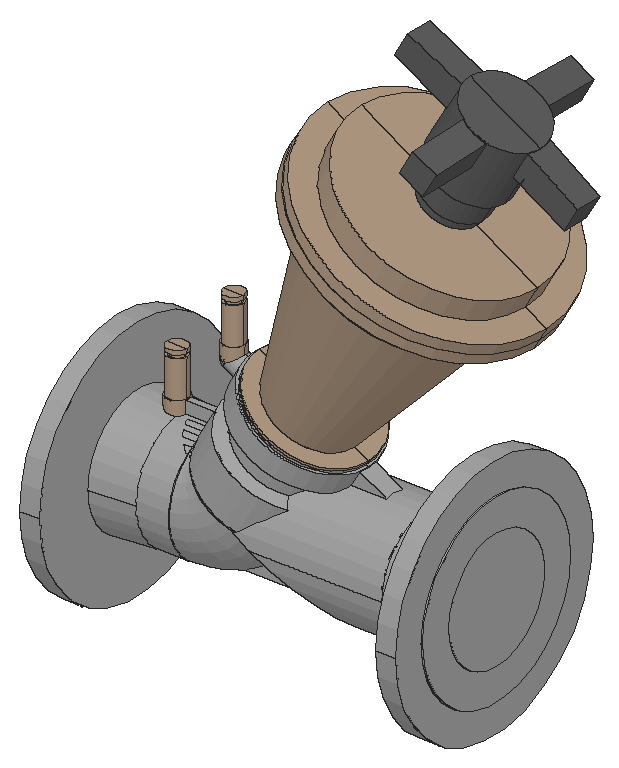
Revit family "M_Valve_Balancing and Control_MEPcontent_Oventrop_Hydromat DFC 10647", category Pipe Accessories, Revit 2015
Parameters (values of type "DN 80")
  Wholesaler Art. No. = ""
  Wholesaler = ""
  Watermarked By = "www.stabiplan.com"
  VHth = 58.500 mm
  VDst = 32.100 mm
  Use Nominal Diameter [instance] = yes
  built-in parameter 1114242 [instance] = 1
  Up_Flange_Radius = 103.000 mm  # constant formula
  Stabu Code = ""
  Revit Version = "2015"  # constant formula
  Product Line = "Oventrop"  # constant formula
  MEPcontent Class = "VALVE_BALANCING"  # constant formula
  Language = ""
  IFCExportType = "PRESSUREREDUCING"
  IFCExportAs = "IfcValveType"
  Function Code [instance] = ""
  Family Version = "10.14"  # constant formula
  ETIM Article Class = "EC011463"
  EMCS Version = "2.0"  # constant formula
  Custom = no
  Copyright = "© Stabiplan International BV"  # constant formula
  Content Supplier URL = "www.mepcontent.eu"
  CB-NL Class = ""
  Bronze = Color RGB 156-122-90
  URL = "www.stabiplan.com"
  R2 = R1 / sin(Angle)  # 10.392 mm
  R1 = 9.000 mm  # constant formula
  Rad3 = Rad4 + 3.000 mm  # 51.500 mm
  OuterDiameter = 88.900 mm
  NominalRadius [instance] = if(Use Nominal Diameter, NominalDiameter / 2, OuterDiameter / 2)  # 40.000 mm
  NominalDiameter = 80.000 mm
  Model = "Hydromat DFC 10647"
  Manufacturer = "Oventrop"  # constant formula
  Lgt4 = 110.000 mm
  Lgt3 = 37.100 mm
  Rad2 = FlangeDiameter / 2  # 100.000 mm
  Length = 310.000 mm
  Internal Art. No. = ""
  Hlp2 = CurDst * 1 / 3  # 9.334 mm
  Height = 395.000 mm
  GTIN = "4026755246025"
  DstChk = 32.000 mm
  Description = "Differential pressure regulator, flanged"  # constant formula
  FlangeDiameter = 200.000 mm
  Dst1 = if(DstChk < 0.000 mm, 0.000 mm, DstChk)  # 32.000 mm
  r2 = 3.000 mm  # constant formula
  r1 = 2.000 mm  # constant formula
  Rad7 = Rad5 + 2.000 mm  # 53.000 mm
  Rad6 = Rad5 - 10.000 mm  # 41.000 mm
  Rad5 = Rad4 + 2.500 mm  # 51.000 mm
  Rad4 = 48.500 mm
  Rad1 = Rad2 * 0.75  # 75.000 mm
  Pressure Drop = 0.0 Pa
  Radius1 = 40.000 mm
  Manufacturer URL = "http://www.oventrop.de/ArticleInfo.aspx?art=1064752"
  CurDst = (Rad4 * tan(Angle / 2))  # 28.001 mm
  Lgt2 = 16.088 mm
  Lgt1 = 2.000 mm  # constant formula
  L2 = Rad4 * tan(Angle / 2)  # 28.001 mm
  Hlp1 = 22.000 mm  # constant formula
  Hb6 = (Hb2) * sin(Angle) + (Rad5 * cos(Angle)) - (Dst1 * cos(Angle))  # 73.308 mm
  Hb5 = 3.000 mm  # constant formula
  Hb4 = 18.000 mm  # constant formula
  Hb3 = Hb2 / 4  # 18.420 mm
  Hb2 = Hb1 - CurDst - 82.000 mm - 8.000 mm  # 73.679 mm
  Hb1 = (H / sin(Angle)) - (Crank Radius / tan(Angle))  # 191.680 mm
  H = 206.000 mm
  Crank Radius = 80.000 mm  # constant formula
  Cast Iron = Color RGB 140-140-140
  Bottom_Flange_Radius = Up_Flange_Radius / 1.716  # 60.023 mm
  Body_Height = 160.000 mm
  Bonnet = Color RGB 35-35-35
  Article Type = "Hydromat DFC 10647"  # constant formula
  Article Description = "Differential pressure regulator, flanged"  # constant formula
  Angle 3 = -Angle  # -60.00°
  Angle 2 = 90.00° - Angle  # 30.00°
  Angle = 60.00°  # constant formula
  Manufacturer Art. No. = "1064752"
Types (5, lengths in mm): name | VHth | VDst | Rad3 | OuterDiameter | NominalRadius | NominalDiameter | Lgt4 | Lgt3 | Rad2 | Length | Hlp2 | Height | GTIN | DstChk | FlangeDiameter | Dst1 | Rad7 | Rad6 | Rad5 | Rad4 | Rad1 | Radius1 | Manufacturer URL | CurDst | Lgt2 | L2 | Hb6 | Hb3 | Hb2 | Hb1 | H | Body_Height | Manufacturer Art. No.
  DN 65 | 50.400 | 29.400 | 43.400 | 76.100 | 32.500 | 65.000 | 110.000 | 34.400 | 92.500 | 290.000 | 7.775 | 375.000 | "4026755246018" | 28.000 | 185.000 | 28.000 | 44.900 | 32.900 | 42.900 | 40.400 | 69.375 | 32.500 | "http://www.oventrop.de/ArticleInfo.aspx?art=1064751" | 23.325 | 15.584 | 23.325 | 60.308 | 15.259 | 61.035 | 174.360 | 191.000 | 154.000 | "1064751"
  DN 80 | 58.500 | 32.100 | 51.500 | 88.900 | 40.000 | 80.000 | 110.000 | 37.100 | 100.000 | 310.000 | 9.334 | 395.000 | "4026755246025" | 32.000 | 200.000 | 32.000 | 53.000 | 41.000 | 51.000 | 48.500 | 75.000 | 40.000 | "http://www.oventrop.de/ArticleInfo.aspx?art=1064752" | 28.001 | 16.088 | 28.001 | 73.308 | 18.420 | 73.679 | 191.680 | 206.000 | 160.000 | "1064752"
  DN 100 | 69.300 | 35.700 | 62.300 | 114.300 | 50.000 | 100.000 | 110.000 | 40.700 | 110.000 | 350.000 | 11.412 | 410.000 | "4026755301076" | 28.000 | 220.000 | 28.000 | 63.800 | 51.800 | 61.800 | 59.300 | 82.500 | 50.000 | "http://www.oventrop.de/ArticleInfo.aspx?art=1064753" | 34.237 | 16.760 | 34.237 | 112.308 | 27.542 | 110.167 | 234.404 | 243.000 | 134.000 | "1064753"
  DN 125 | 82.800 | 40.200 | 75.800 | 139.700 | 62.500 | 125.000 | 157.500 | 45.200 | 125.000 | 400.000 | 14.010 | 450.000 | "4026755333145" | 25.000 | 250.000 | 25.000 | 77.300 | 65.300 | 75.300 | 72.800 | 93.750 | 62.500 | "http://www.oventrop.de/ArticleInfo.aspx?art=1064754" | 42.031 | 17.600 | 42.031 | 156.808 | 38.006 | 152.025 | 284.056 | 286.000 | 131.000 | "1064754"
  DN 150 | 96.300 | 44.700 | 89.300 | 168.300 | 75.000 | 150.000 | 205.000 | 49.700 | 142.500 | 480.000 | 16.608 | 450.000 | "4026755333152" | 40.000 | 285.000 | 40.000 | 90.800 | 78.800 | 88.800 | 86.300 | 106.875 | 75.000 | "http://www.oventrop.de/ArticleInfo.aspx?art=1064755" | 49.825 | 18.440 | 49.825 | 151.308 | 36.635 | 146.540 | 286.366 | 288.000 | 128.000 | "1064755"
Reference planes
  plane 1 "Center (Front/Back)": y = 0
  plane 2: z = 0
  plane 3 "Center (Left/Right)": x = 0
  plane 4: x = -155
  plane 5: x = 155
  plane 6: x = 153
  plane 7: x = -153
  plane 8: x = -73.001
  plane 9: z = -48.5
  plane 10: z = -51
  plane 11: z = -41
  plane 12: x = -45
  plane 13: z = 48.5
  plane 14: y = 8.044
  plane 15: y = -8.044
  plane 16: y = -48.5
  plane 17: y = 48.5
  plane 18: x = 136.912
  plane 19: y = 11
  plane 20: y = -11
  plane 21: y = -3
  plane 22: y = 3
  plane 23: x = -136.912
  plane 24: x = -99.812
  plane 25: x = 99.812
  plane 26: x = -104.812
  plane 27: z = 395
  plane 28: z = 280
Forms (mm)
  Extrusion 1, solid, material "Color RGB 140-140-140" <- "Cast Iron", detail levels fine
    sketch origin (0, 0, 0) x (0, 1, 0) y (0, 0, 1)
      loop
        circle (0, 0) r 75
    from 153 to 155
  Extrusion 2, solid, material "Color RGB 140-140-140" <- "Cast Iron", detail levels fine
    sketch origin (0, 0, 0) x (0, 1, 0) y (0, 0, 1)
      loop
        circle (0, 0) r 75
    from -153 to -155
  Extrusion 3, solid, material "Color RGB 140-140-140" <- "Cast Iron", detail levels fine
    sketch origin (0, 0, 0) x (0, 1, 0) y (0, 0, 1)
      loop
        circle (0, 0) r 48.5
    from -153 to 153
  Revolve 4, void
    sketch origin (-45, 0, 0) x (0.5, 0, 0.866025) y (-0.866025, 0, 0.5)
      loop
        line (18.668, 0) -> (-290, 0) -> (-290, -290) -> (18.668, -290) -> (18.668, 0)
      axis (-290, 0) -> (18.668, 0)
    angle from 0 to 360
  Revolve 5, solid, material "Color RGB 140-140-140" <- "Cast Iron", detail levels fine
    sketch origin (-73.001, -1524, 140.053) x (0, 0, 1) y (0, -1, 0)
      loop
        circle (-140.053, -1524) r 48.5
      axis (-91.553, -1524) -> (-91.553, -1523)
    angle from 0 to -60 <- "Angle 3"
  Extrusion 6, solid, material "Color RGB 140-140-140" <- "Cast Iron", detail levels fine
    sketch origin (-73.001, -1524, 140.053) x (0, 0, 1) y (0, -1, 0)
      loop
        circle (-140.053, -1524) r 48.5
    from -81.999 to 0
  Revolve 7, solid, material "Color RGB 140-140-140" <- "Cast Iron", detail levels fine
    sketch origin (-45, 0, 0) x (0.5, 0, 0.866025) y (-0.866025, 0, 0.5)
      loop
        line (101.68, 0) -> (18.668, 0) -> (18.668, -49)
        arc (18.668, -49) -> (19.253, -50.414) -> (20.668, -51) r 2
        line (20.668, -51) -> (56.841, -51) -> (59.841, -41) -> (78.261, -41) -> (81.261, -53) -> (99.68, -53) -> (99.68, -51) -> (101.68, -51) -> (101.68, 0)
      axis (18.668, 0) -> (101.68, 0)
    angle from 0 to 360
  Extrusion 8, solid, material "Color RGB 140-140-140" <- "Cast Iron", detail levels fine
    sketch origin (153, -1524, 140.053) x (0, 0, 1) y (0, -1, 0)
      loop
        circle (-140.053, -1524) r 48.5
    from 2 to -16.088
  Extrusion 9, solid, material "Color RGB 140-140-140" <- "Cast Iron", detail levels fine
    sketch origin (-45, 0, 0) x (0.5, 0, 0.866025) y (-0.866025, 0, 0.5)
      loop
        line (99.68, 0) -> (28.001, 0) -> (28.001, -48.5) -> (72.406, -125.411) -> (99.68, -152.503) -> (99.68, 0)
    from -8.044 to 8.044
  Revolve 10, solid, material "Color RGB 156-122-90" <- "Bronze", detail levels fine
    sketch origin (-58.712, 0, 40.25) x (0, 0, 1) y (-1, 0, 0)
      loop
        line (61.498, 0) -> (61.498, -9) -> (73.308, -9) -> (73.308, -8) -> (103.308, -8) -> (103.308, -6) -> (106.308, -6) -> (106.308, -8) -> (109.308, -8) -> (109.308, 0) -> (61.498, 0)
      axis (61.498, 0) -> (109.308, 0)
    angle from 0 to 360
  Extrusion 11, solid, material "Color RGB 140-140-140" <- "Cast Iron", detail levels fine
    sketch origin (0, 0, 0) x (0, 1, 0) y (0, 0, 1)
      loop
        circle (0, 0) r 100
    from -136.912 to -153
  Extrusion 12, solid, material "Color RGB 140-140-140" <- "Cast Iron", detail levels fine
    sketch origin (0, 0, 0) x (0, 1, 0) y (0, 0, 1)
      loop
        circle (0, 0) r 100
    from 136.912 to 153
  Blend 13, solid, material "Color RGB 140-140-140" <- "Cast Iron", detail levels fine
    base sketch origin (0, 0, 0) x (0, 1, 0) y (0, 0, 1)
      loop
        circle (0, 0) r 51.5
    top sketch origin (0, 0, 0) x (0, 1, 0) y (0, 0, 1)
      loop
        circle (0, 0) r 48.5
    from 136.912 to 99.812
  Blend 14, solid, material "Color RGB 140-140-140" <- "Cast Iron", detail levels fine
    base sketch origin (0, 0, 0) x (0, 1, 0) y (0, 0, 1)
      loop
        circle (0, 0) r 51.5
    top sketch origin (0, 0, 0) x (0, 1, 0) y (0, 0, 1)
      loop
        circle (0, 0) r 48.5
    from -136.912 to -99.812
  Extrusion 15, solid, material "Color RGB 140-140-140" <- "Cast Iron", detail levels fine
    sketch origin (0, 0, 0) x (0, 1, 0) y (0, 0, 1)
      loop
        arc (-3, -48.407) -> (0, -48.5) -> (3, -48.407) r 48.5
        line (3, -48.407) -> (3, 0) -> (-3, 0) -> (-3, -48.407)
    from -73.001 to 99.812
  Revolve 16, solid, material "Color RGB 156-122-90" <- "Bronze", detail levels fine
    sketch origin (0, 0, 0) x (1, 0, 0) y (0, 0, 1)
      loop
        line (-104.812, 0) -> (-95.812, 0) -> (-95.812, 58.5) -> (-96.812, 58.5) -> (-96.812, 88.5) -> (-98.812, 88.5) -> (-98.812, 91.5) -> (-96.812, 91.5) -> (-96.812, 94.5) -> (-104.812, 94.5) -> (-104.812, 0)
      axis (-104.812, 94.5) -> (-104.812, 0)
    angle from 0 to 360
  Extrusion 17, solid, material "Color RGB 140-140-140" <- "Cast Iron", detail levels fine
    sketch origin (0, 0, 0) x (1, 0, 0) y (0, 0, 1)
      loop
        line (-104.812, 58.5) -> (-104.812, 0) -> (-49.712, 0) -> (-49.712, 58.5) -> (-104.812, 58.5)
    from -3 to 3
  Revolve 18, solid, material "Color RGB 140-140-140" <- "Cast Iron", detail levels fine
    sketch origin (-23.652, 0, 81.506) x (0.866025, 0, -0.5) y (0.5, 0, 0.866025)
      loop
        arc (-49.484, 0) -> (-46.848, -6.364) -> (-40.484, -9) r 9
        line (-40.484, -9) -> (22.265, -9) -> (22.265, 0) -> (-49.484, 0)
      axis (-49.484, 0) -> (22.265, 0)
    angle from 0 to 360
  Revolve 19, solid, material "Color RGB 156-122-90" <- "Bronze", detail levels fine
    sketch origin (-45, 0, 0) x (0.5, 0, 0.866025) y (-0.866025, 0, 0.5)
      loop
        line (323.68, 0) -> (323.68, 83) -> (303.68, 83) -> (303.68, 103) -> (293.68, 103) -> (293.68, 0) -> (323.68, 0)
      axis (293.68, 0) -> (323.68, 0)
    angle from 0 to 360
  Revolve 20, solid, material "Color RGB 156-122-90" <- "Bronze", detail levels fine
    sketch origin (-45, 0, 0) x (0.5, 0, 0.866025) y (-0.866025, 0, 0.5)
      loop
        line (293.68, 0) -> (293.68, 103) -> (283.68, 103) -> (283.68, 83) -> (263.68, 83) -> (263.68, 78) -> (103.68, 38) -> (103.68, 51) -> (101.68, 51) -> (101.68, 0) -> (293.68, 0)
      axis (101.68, 0) -> (293.68, 0)
    angle from 0 to 360
Cuts and joins
  Revolve 4 cuts Extrusion 3
  joined: Extrusion 6, Blend 14, Extrusion 17
Lines and regions (mm)
  reference lines
    curve 1: line (-45, 0, 0) -> (155, 0, 346.41)
    curve 2: line (-9.838, 0, 353.453) -> (202.685, 0, 230.753)
    curve 3: line (182.685, 0, 196.112) -> (-29.838, 0, 318.812)
    curve 4: line (192.685, 0, 213.432) -> (-19.838, 0, 336.132)
    curve 5: line (-120.838, 0, 161.195) -> (91.685, 0, 38.495)
    curve 6: line (-121.838, 0, 159.463) -> (90.685, 0, 36.763)
    curve 7: line (-141.757, 0, 124.961) -> (70.765, 0, 2.261)
    curve 8: line (-143.257, 0, 122.363) -> (69.265, 0, -0.337)
    curve 9: line (-132.547, 0, 140.913) -> (79.975, 0, 18.213)
    curve 10: line (-157.677, 0, 97.387) -> (54.846, 0, -25.313)
    curve 11: line (-45, 0, 0) -> (52.243, 0, -56.143)
    curve 12: line (-119.838, 0, 162.927) -> (92.685, 0, 40.227)
    curve 13: line (-23.652, 0, 81.506) -> (81.475, 0, 20.811)
    curve 14: line (4.127, 0, -16.909) -> (39.798, 0, 44.874)
    curve 15: line (31.137, 0, 49.874) -> (-4.533, 0, -11.909)
    curve 16: line (41.53, 0, 43.874) -> (5.86, 0, -17.909)
    curve 17: line (45.161, 27, 156.163) -> (34.602, 27, 137.874)
    curve 18: line (45.161, 80, 156.163) -> (34.602, 80, 137.874)
    curve 19: line (50.84, 86.48, 166) -> (50.84, -90.862, 166)
    curve 20: line (49.34, 86.48, 163.402) -> (49.34, -90.862, 163.402)
    curve 21: line (38.34, -90.862, 144.349) -> (38.34, 86.48, 144.349)
    curve 22: line (-58.712, 0, 40.25) -> (-58.712, 0, 132.209)
    curve 28: line (-71.698, 0, 36.97) -> (-27.45, 0, 11.423)
    curve 33: line (192.204, 0, 202.163) -> (-24.838, 0, 327.472)
    curve 34: line (0.382, 0, 284.604) -> (53.932, 0, 377.355)
    curve 35: line (-5.734, 0, 234.011) -> (87.765, 0, 395.956)
    curve 36: line (172.685, 0, 178.791) -> (-39.838, 0, 301.491)
    curve 37: line (23.852, 0, 195.255) -> (52.692, 0, 245.208)
    curve 38: line (-28.643, 0, 130.33) -> (-1.141, 0, 177.967)
  model lines, style "Accessories", detail levels coarse+medium
    curve 23: line (-155, 0, 49.065) -> (-155, 0, -49.065)
    curve 24: line (155, 0, 49.065) -> (155, 0, -49.065)
    curve 25: circle (0, 0, 0) r 40 normal (1, 0, 0)
    curve 26: line (-155, 48.5, 0) -> (-155, -48.5, 0)
    curve 27: line (155, 48.5, 0) -> (155, -48.5, 0)
    curve 29: line (155, 0, 48.5) -> (-155, 0, -48.5)
    curve 30: line (-155, 0, 48.5) -> (155, 0, -48.5)
    curve 31: line (155, 48.5, 0) -> (-155, -48.5, 0)
    curve 32: line (-155, 48.5, 0) -> (155, -48.5, 0)
Dimensions and locks
  equal spacing: plane 5, plane 3 "Center (Left/Right)", plane 4
  "Length": plane 5 to plane 4
  "Lgt1": plane 7 to plane 4
  "CurDst": plane 12 to plane 8
  "Lgt1": plane 6 to plane 5
  "Rad6": level to plane 11
  "Rad5": level to plane 10
  "Rad4": level to plane 9
  "Rad4": plane 13 to level
  equal spacing: plane 14, plane 1 "Center (Front/Back)", plane 15
  "Lgt2": plane 14 to plane 15
  Revolve 4 sketch curve to curve 1 = 290.000 mm
  Revolve 4 sketch curve to curve 11 = 290.000 mm
  equal spacing: plane 17, plane 1 "Center (Front/Back)", plane 16
  "Rad4": plane 1 "Center (Front/Back)" to plane 16
  "CurDst": curve 11 to curve 10
  "Lgt2": plane 6 to plane 18
  "Hb2": curve 10 to curve 5
  "Hb3": curve 13 to curve 6
  "r1": curve 6 to curve 5
  "Rad5": curve 14 to curve 1
  "Rad6": curve 15 to curve 1
  "Rad7": curve 16 to curve 1
  "Hlp1": plane 19 to plane 20
  equal spacing: plane 19, plane 1 "Center (Front/Back)", plane 20
  curve 17 to curve 1 = 27.000 mm
  locked: curve 17 to curve 1 at 27
  curve 18 to curve 1 = 80.000 mm
  "Hb1": curve 1 to curve 19
  locked: curve 20 to curve 19 at 3
  locked: curve 21 to curve 20 at 22
  equal spacing: plane 22, plane 1 "Center (Front/Back)", plane 21
  "r2": plane 1 "Center (Front/Back)" to plane 21
  "Hb6": Revolve 10 sketch curve to curve 22
  locked: Revolve 10 sketch curve to Revolve 10 sketch curve at 30
  "R1": Revolve 10 sketch curve to curve 22
  locked: Revolve 10 sketch curve to Revolve 10 sketch curve at 1
  locked: Revolve 10 sketch curve to Revolve 10 sketch curve at 2
  equal spacing: Revolve 10 sketch curve, Revolve 10 sketch curve, Revolve 10 sketch curve
  locked: Revolve 10 sketch curve to Revolve 10 sketch curve at 6
  "Dst1": curve 1 to curve 22
  locked: curve 22 to Revolve 10 sketch curve
  "Lgt4": plane 12 to plane 4
  "Lgt2": plane 7 to plane 23
  "Lgt3": plane 24 to plane 23
  "Lgt3": plane 18 to plane 25
  "VDst": plane 26 to plane 23
  "R1": Revolve 16 sketch curve to plane 26
  locked: Revolve 16 sketch curve to Revolve 16 sketch curve at 1
  locked: Revolve 16 sketch curve to Revolve 16 sketch curve at 2
  locked: Revolve 16 sketch curve to Revolve 16 sketch curve at 30
  equal spacing: Revolve 16 sketch curve, Revolve 16 sketch curve, Revolve 16 sketch curve
  locked: Revolve 16 sketch curve to Revolve 16 sketch curve at 6
  "VHth": Revolve 16 sketch curve to level
  "VHth": Extrusion 17 sketch curve to level
  "R1": curve 22 to Extrusion 17 sketch curve
  locked: Revolve 18 sketch curve to curve 22 at 0
  "R1": Revolve 18 sketch curve to curve 13
  "r2": curve 9 to curve 13
  "Hb3": curve 7 to curve 9
  "r2": curve 8 to curve 7
  "Hlp2": curve 28 to curve 10
  "Height": plane 27 to level
  "r1": curve 5 to curve 12
  locked: plane 27 to plane 28 at 115
  curve 4 to curve 2 = 20.000 mm
  "Up_Flange_Radius": curve 1 to curve 34
  equal spacing: curve 4, curve 33, curve 3
  locked: curve 4 to curve 3 at 20
  locked: curve 3 to curve 36 at 20
  "Body_Height": curve 36 to curve 12
  curve 36 to curve 2 = 60.000 mm
  locked: curve 35 to curve 34 at 20
  "Rad5": curve 1 to curve 38
  locked: curve 37 to curve 34 at 65
  "Rad1": radius of Extrusion 1 sketch curve
  "Rad1": radius of Extrusion 2 sketch curve
  "Rad4": radius of Extrusion 3 sketch curve
  "Rad4": radius of Revolve 5 sketch curve
  "Rad4": radius of Extrusion 6 sketch curve
  "r1": radius of Revolve 7 sketch curve
  "Rad4": radius of Extrusion 8 sketch curve
  "Radius1": radius of curve 25
  "Rad2": radius of Extrusion 11 sketch curve
  "Rad2": radius of Extrusion 12 sketch curve
  "Rad3": radius of Blend 13 sketch curve
  "Rad4": radius of Blend 13 sketch curve
  "Rad3": radius of Blend 14 sketch curve
  "Rad4": radius of Blend 14 sketch curve
  "Rad4": radius of Extrusion 15 sketch curve
  "Angle": angle level to curve 1
  "Angle 2": angle curve 1 to curve 22
  aligned and locked: level to plane 2
  aligned and locked: plane 7 to Extrusion 2
  aligned and locked: Extrusion 2 to plane 4
  aligned and locked: Extrusion 1 to plane 6
  aligned and locked: Extrusion 1 to plane 5
  aligned and locked: plane 12 to curve 1
  aligned and locked: plane 2 to curve 1
  aligned and locked: curve 3 to curve 2  (x2)
  aligned and locked: curve 4 to curve 2  (x2)
  aligned and locked: curve 5 to curve 2  (x2)
  aligned and locked: curve 6 to curve 2  (x2)
  aligned and locked: curve 7 to curve 2  (x2)
  aligned and locked: curve 8 to curve 2  (x2)
  aligned and locked: curve 9 to curve 2  (x2)
  aligned and locked: curve 10 to curve 2  (x2)
  aligned and locked: curve 11 to curve 1  (x2)
  aligned and locked: curve 12 to curve 2  (x2)
  aligned and locked: Revolve 4 sketch curve to curve 1  (x2)
  aligned and locked: plane 6 to Extrusion 3
  aligned and locked: plane 7 to Extrusion 3
  aligned and locked: Revolve 5 sketch curve to plane 13
  aligned and locked: plane 8 to Extrusion 6
  aligned and locked: curve 1 to Revolve 7 sketch curve
  aligned and locked: Revolve 7 sketch curve to curve 1
  aligned and locked: curve 14 to curve 15
  aligned and locked: curve 5 to Revolve 7 sketch curve
  aligned and locked: Revolve 7 sketch curve to curve 14
  aligned and locked: curve 19 to curve 21  (x2)
  aligned and locked: curve 19 to curve 20  (x2)
  aligned and locked: Extrusion 8 to plane 18
  aligned and locked: plane 2 to Extrusion 9 sketch curve
  aligned and locked: curve 1 to Extrusion 9 sketch curve
  aligned and locked: curve 10 to Extrusion 9 sketch curve
  aligned and locked: Revolve 10 sketch curve to curve 22  (x2)
  aligned and locked: Extrusion 6 to plane 4
  aligned and locked: Extrusion 8 to plane 5
  aligned and locked: Revolve 10 sketch curve to Revolve 10 sketch curve
  aligned and locked: plane 24 to Blend 14
  aligned and locked: Blend 14 to plane 23
  aligned and locked: plane 23 to Extrusion 11
  aligned and locked: plane 7 to Extrusion 11
  aligned and locked: plane 25 to Blend 13
  aligned and locked: plane 18 to Blend 13
  aligned and locked: Extrusion 12 to plane 18
  aligned and locked: plane 6 to Extrusion 12
  aligned and locked: Extrusion 9 to plane 14
  aligned and locked: plane 15 to Extrusion 9
  aligned and locked: level to Extrusion 15 sketch curve
  aligned and locked: Extrusion 15 to plane 8
  aligned and locked: plane 25 to Extrusion 15
  aligned and locked: Extrusion 15 sketch curve to plane 22
  aligned and locked: plane 21 to Extrusion 15 sketch curve
  aligned and locked: Revolve 16 sketch curve to plane 2
  aligned and locked: Revolve 16 sketch curve to Revolve 16 sketch curve
  aligned and locked: Revolve 16 sketch curve to plane 26  (x2)
  aligned and locked: level to Extrusion 17 sketch curve
  aligned and locked: Extrusion 17 to plane 22
  aligned and locked: plane 21 to Extrusion 17
  aligned and locked: plane 25 to Extrusion 9 sketch curve
  aligned and locked: plane 26 to Extrusion 17 sketch curve
  aligned and locked: curve 1 to Revolve 18 sketch curve
  aligned and locked: Revolve 18 sketch curve to curve 13  (x2)
  aligned and locked: curve 6 to Extrusion 9 sketch curve
  aligned and locked: plane 18 to Extrusion 9 sketch curve
  aligned and locked: curve 8 to Revolve 7 sketch curve
  aligned and locked: curve 7 to Revolve 7 sketch curve
  aligned and locked: curve 9 to Revolve 7 sketch curve
  aligned and locked: Revolve 7 sketch curve to curve 15
  aligned and locked: curve 6 to Revolve 7 sketch curve
  aligned and locked: Revolve 7 sketch curve to curve 16
  aligned and locked: curve 13 to Revolve 7 sketch curve
  aligned and locked: Revolve 7 sketch curve to curve 28
  aligned and locked: curve 28 to Revolve 4 sketch curve
  aligned and locked: plane 5 to curve 27
  aligned and locked: plane 13 to curve 30
  aligned and locked: plane 9 to curve 30
  aligned and locked: plane 5 to curve 30
  aligned and locked: plane 5 to curve 29
  aligned and locked: plane 9 to curve 29
  aligned and locked: plane 4 to curve 29
  aligned and locked: plane 4 to curve 30
  aligned and locked: plane 13 to curve 29
  aligned and locked: curve 33 to Revolve 20 sketch curve
  aligned and locked: Revolve 20 sketch curve to curve 34
  aligned and locked: Revolve 20 sketch curve to curve 35
  aligned and locked: Revolve 20 sketch curve to curve 3
  aligned and locked: Revolve 20 sketch curve to curve 36
  aligned and locked: Extrusion 9 to Revolve 20 sketch curve
  aligned and locked: Revolve 20 sketch curve to curve 1
  aligned and locked: Revolve 19 sketch curve to curve 2
  aligned and locked: Revolve 19 sketch curve to curve 35
  aligned and locked: Revolve 19 sketch curve to curve 34
  aligned and locked: Revolve 19 sketch curve to curve 33
  aligned and locked: curve 4 to Revolve 19 sketch curve
  aligned and locked: curve 5 to Revolve 20 sketch curve
  aligned and locked: Revolve 20 sketch curve to curve 37
  aligned and locked: Revolve 20 sketch curve to curve 12
  aligned and locked: curve 38 to Revolve 20 sketch curve
  aligned and locked: nested 1 to Revolve 19
  aligned and locked: plane 1 "Center (Front/Back)" to nested 1
Automatic sketch dimensions
  curve 23 to plane 4 = 0.000 mm
  plane 5 to curve 24 = 0.000 mm
  plane 9 to curve 23 = 0.565 mm
  plane 9 to curve 24 = 0.565 mm
  plane 13 to curve 24 = 0.565 mm
  plane 13 to curve 23 = 0.565 mm
  curve 26 to plane 4 = 0.000 mm
  plane 16 to curve 26 = 0.000 mm
  plane 16 to curve 27 = 0.000 mm
  curve 31 to plane 17 = 0.000 mm
  curve 32 to plane 17 = 0.000 mm
  Revolve 4 sketch curve to curve 1 = 0.000 mm  (x2)
  Revolve 19 sketch curve to curve 1 = 0.000 mm  (x4)
  Revolve 20 sketch curve to curve 1 = 0.000 mm  (x2)
  Revolve 20 sketch curve to Revolve 20 sketch curve = 5.000 mm
  curve 25 to level = 0.000 mm
  curve 25 to plane 1 "Center (Front/Back)" = 0.000 mm
  Extrusion 1 sketch curve to level = 0.000 mm
  Extrusion 1 sketch curve to plane 1 "Center (Front/Back)" = 0.000 mm
  Extrusion 2 sketch curve to level = 0.000 mm
  Extrusion 2 sketch curve to plane 1 "Center (Front/Back)" = 0.000 mm
  Extrusion 3 sketch curve to level = 0.000 mm
  Extrusion 3 sketch curve to plane 1 "Center (Front/Back)" = 0.000 mm
  plane 12 to curve 38 = 16.357 mm
  curve 35 to plane 3 "Center (Left/Right)" = 5.734 mm
  curve 38 to plane 3 "Center (Left/Right)" = 1.141 mm
  plane 3 "Center (Left/Right)" to curve 34 = 0.382 mm
  plane 3 "Center (Left/Right)" to curve 37 = 23.852 mm
  curve 37 to plane 28 = 34.792 mm
  curve 34 to plane 27 = 17.645 mm
  plane 27 to curve 35 = 0.956 mm
  curve 11 to curve 1 = 112.287 mm
  curve 1 to curve 14 = 9.920 mm
  curve 1 to curve 15 = 9.920 mm
  curve 14 to curve 16 = 0.000 mm
  curve 1 to curve 33 = 104.344 mm
  curve 33 to curve 3 = 5.218 mm
  curve 13 to curve 9 = 0.000 mm
  curve 3 to curve 36 = 0.000 mm  (x2)
  curve 1 to curve 28 = 9.487 mm
  curve 13 to curve 1 = 22.265 mm
  curve 22 to curve 28 = 9.606 mm
  curve 22 to curve 5 = 68.295 mm
  curve 33 to curve 3 = 0.000 mm
  Revolve 5 sketch curve to level = 0.000 mm
  Revolve 5 sketch curve to plane 1 "Center (Front/Back)" = 0.000 mm
  plane 17 to Revolve 5 sketch curve = 1428.104 mm
  plane 16 to Revolve 5 sketch curve = 2812.199 mm
  Extrusion 6 sketch curve to level = 0.000 mm
  Extrusion 6 sketch curve to plane 1 "Center (Front/Back)" = 0.000 mm
  Revolve 7 sketch curve to curve 1 = 0.000 mm  (x2)
  Revolve 7 sketch curve to Revolve 7 sketch curve = 2.000 mm
  curve 18 to curve 21 = 7.477 mm
  curve 17 to curve 18 = 0.000 mm
  curve 18 to curve 20 = 8.359 mm
  curve 17 to curve 17 = 21.118 mm
  curve 18 to curve 17 = 53.000 mm
  curve 21 to curve 18 = 6.480 mm
  curve 21 to curve 1 = 90.862 mm
  Extrusion 8 sketch curve to level = 0.000 mm
  Extrusion 8 sketch curve to plane 1 "Center (Front/Back)" = 0.000 mm
  Revolve 10 sketch curve to curve 22 = 0.000 mm  (x2)
  Extrusion 11 sketch curve to level = 0.000 mm
  Extrusion 11 sketch curve to plane 1 "Center (Front/Back)" = 0.000 mm
  Extrusion 12 sketch curve to level = 0.000 mm
  Extrusion 12 sketch curve to plane 1 "Center (Front/Back)" = 0.000 mm
  Blend 13 sketch curve to level = 0.000 mm  (x2)
  Blend 13 sketch curve to plane 1 "Center (Front/Back)" = 0.000 mm  (x2)
  Blend 14 sketch curve to level = 0.000 mm  (x2)
  Blend 14 sketch curve to plane 1 "Center (Front/Back)" = 0.000 mm  (x2)
  Extrusion 15 sketch curve to level = 0.000 mm
  Extrusion 15 sketch curve to plane 1 "Center (Front/Back)" = 0.000 mm
  Revolve 16 sketch curve to plane 10 = 120.682 mm
  Revolve 16 sketch curve to Revolve 16 sketch curve = 49.999 mm
  Revolve 18 sketch curve to curve 13 = 0.000 mm  (x2)
Nested families
  nested 1: "S4R_Oventrop_Hydromat_DFC_Bonnet" at (94.439, 0, 179.379), type "S4R_Oventrop_Hydromat_DFC_Bonnet", detail levels fine
    with Use Nominal Diameter yes, Use Annotation Scale 1, NominalRadius 32.500 mm
Connectors
  piping at (-155, 0, 0), diameter 80, driven by "NominalRadius"
    settings: on Extrusion 6, index 1, connector inside diameter 65.000 mm, connector length 0.000 mm, flow factor 0, pipe flow 0.0 L/s, pressure drop 0.0 Pa, fitting loss kfactor 0, connector angle 0.00°, fixture units 0, engagement length 0.000 mm, angle of deflection 0.00°, flow configuration 0, flow direction 1, fitting loss method 4, system type 29, joint type 0, gender type 0, connector reference index 2, connector utility 0, adjustable connector no, is connector primary yes, connector description "Global In"
  piping at (155, 0, 0), diameter 80, driven by "NominalRadius"
    settings: on Extrusion 8, index 2, connector inside diameter 65.000 mm, connector length 0.000 mm, flow factor 0, pipe flow 0.0 L/s, pressure drop 0.0 Pa, fitting loss kfactor 0, connector angle 0.00°, fixture units 0, engagement length 0.000 mm, angle of deflection 0.00°, flow configuration 0, flow direction 2, fitting loss method 4, system type 29, joint type 0, gender type 0, connector reference index 1, connector utility 0, adjustable connector no, is connector primary no, connector description "Global Out"
Definition of nested family "S4R_Oventrop_Hydromat_DFC_Bonnet"
  Parameters
    Wholesaler Art. No. = ""
    Wholesaler = ""
    Watermarked By = "www.stabiplan.com"
    VHth = 58.500 mm
    VERSION = "92000"  # constant formula
    VDst = 32.100 mm
    Use Nominal Diameter [instance] = yes
    Use Annotation Scale [instance] = 1
    URL = "www.stabiplan.com"
    Article Type = "DN 80"
    StabiCAD_PM = ""
    R2 = R1 / sin(Angle)  # 10.392 mm
    R1 = 9.000 mm  # constant formula
    Rad3 = Rad4 + 3.000 mm  # 51.500 mm
    Product Line = "Oventrop"  # constant formula
    OuterDiameter = 88.899 mm
    NominalRadius [instance] = 40.000 mm
    NominalDiameter = 79.999 mm
    Model = "DN 80"
    Manufacturer = "Oventrop"  # constant formula
    Lgt4 = 110.000 mm
    Lgt3 = 37.100 mm
    Rad2 = FlangeDiameter / 2  # 80.000 mm
    Length = 309.996 mm
    Internal Art. No. = ""
    Hlp2 = CurDst * 1 / 3  # 9.334 mm
    Height = 394.995 mm
    GTIN = "4026755305449"
    ETIM Article Class = ""
    DstChk = (((Rad5 * sin(Angle)) - (Hb2 * cos(Angle))) / sin(Angle)) + (R1 / sin(Angle)) + 2.000 mm  # 20.854 mm
    Description = "Differential pressure regulator, flanged"  # constant formula
    FlangeDiameter = 160.000 mm
    Dst1 = if(DstChk < 0.000 mm, 0.000 mm, DstChk)  # 20.854 mm
    r2_2 = 3.000 mm  # constant formula
    r1_2 = 2.000 mm  # constant formula
    Rad7 = Rad5 + 2.000 mm  # 53.000 mm
    Rad6 = Rad5 - 10.000 mm  # 41.000 mm
    Rad5 = Rad4 + 2.500 mm  # 51.000 mm
    Rad4 = 48.500 mm
    Rad1 = Rad2 * 0.75  # 60.000 mm
    Pressure Drop = 0.0 Pa
    Radius1 = 40.000 mm
    Manufacturer URL = "http://www.oventrop.de/ArticleInfo.aspx?art=1064652"
    CurDst = (Rad4 * tan(Angle / 2))  # 28.001 mm
    Lgt2 = 16.088 mm
    Lgt1 = 2.000 mm  # constant formula
    L2 = Rad4 * tan(Angle / 2)  # 28.001 mm
    Hlp1 = 22.000 mm  # constant formula
    Hb6 = (Hb2) * sin(Angle) + (Rad5 * cos(Angle)) - (Dst1 * cos(Angle))  # 78.881 mm
    Hb5 = 3.000 mm  # constant formula
    Hb4 = 18.000 mm  # constant formula
    Hb3 = Hb2 / 4  # 18.420 mm
    Hb2 = Hb1 - CurDst - 82.000 mm - 8.000 mm  # 73.679 mm
    Hb1 = (H / sin(Angle)) - (Crank Radius / tan(Angle))  # 191.680 mm
    H = 206.000 mm
    Crank Radius = 80.000 mm
    Copyright = "© Stabiplan BV / Stabiplan International BV"  # constant formula
    Bronze = none
    Black = none
    Angle 3 = -Angle  # -60.00°
    Angle 2 = 90.00° - Angle  # 30.00°
    Angle = 60.00°  # constant formula
    Manufacturer Art. No. = "1064652"
    Article Description = "Differential pressure regulator, flanged"  # constant formula
  Reference planes
    plane 1 "Center (Front/Back)": y = 0
    plane 2: z = 0
    plane 3 "Center (Left/Right)": x = 0
    plane 4: y = 8.044
    plane 5: y = -8.044
    plane 6: y = -48.5
    plane 7: y = 48.5
    plane 8: y = 11
    plane 9: y = -11
    plane 10: y = -3
    plane 11: y = 3
    plane 12: z = 215.902
    plane 13: z = 100.558
  Forms (mm)
    Revolve 1, solid, material <- "Black", detail levels fine
      sketch origin (-35, 0, 0) x (0.5, 0, 0.866025) y (-0.866025, 0, 0.5)
        loop
          line (116.114, 0) -> (116.114, -25) -> (124.114, -25) -> (124.114, -27) -> (149.114, -27) -> (149.114, -33) -> (206.114, -33) -> (206.114, 0) -> (116.114, 0)
        axis (116.114, 0) -> (206.114, 0)
      angle from 0 to 360
    Extrusion 2, solid, material <- "Black", detail levels fine
      sketch origin (-35, 0, 0) x (0.5, 0, 0.866025) y (-0.866025, 0, 0.5)
        loop
          line (206.114, 27) -> (203.114, 80) -> (181.114, 80) -> (181.114, -80) -> (203.114, -80) -> (206.114, -27) -> (206.114, 27)
      from -11 to 11
    Extrusion 3, solid, material <- "Black", detail levels fine
      sketch origin (-28.041, 0, 12.053) x (0.5, 0, 0.866025) y (0, -1, 0)
        loop
          line (188.68, -80) -> (191.68, -27) -> (191.68, 27) -> (188.68, 80) -> (166.68, 80) -> (166.68, -80) -> (188.68, -80)
      from -11 to 11
  Cuts and joins
    joined: Revolve 1, Extrusion 2, Extrusion 3
  Lines and regions (mm)
    reference lines
      curve 1: line (-35, 0, 0) -> (165, 0, 346.41)
      curve 2: line (34.41, 0, 197.926) -> (194.139, 0, 105.707)
      curve 3: line (32.91, 0, 195.328) -> (192.639, 0, 103.109)
      curve 4: line (21.91, 0, 176.276) -> (181.639, 0, 84.056)
      curve 5: line (165.639, 0, 56.343) -> (5.91, 0, 148.563)
      curve 6: line (169.639, 0, 63.271) -> (9.91, 0, 155.491)
      curve 7: line (-10.59, 0, 119.984) -> (149.139, 0, 27.764)
      curve 8: line (-6.59, 0, 126.912) -> (153.139, 0, 34.693)
      curve 9: line (85.76, 0, 155.163) -> (75.201, 0, 136.874)
      curve 10: line (38.995, 0, 182.163) -> (28.436, 0, 163.874)
      curve 11: line (131.659, 0, 128.663) -> (121.1, 0, 110.374)
      curve 12: line (-6.905, 0, 208.663) -> (-17.464, 0, 190.374)
      curve 13: line (62.377, 27, 168.663) -> (51.818, 27, 150.374)
      curve 14: line (62.377, -27, 168.663) -> (51.818, -27, 150.374)
      curve 15: line (62.377, -80, 168.663) -> (51.818, -80, 150.374)
      curve 16: line (62.377, 80, 168.663) -> (51.818, 80, 150.374)
      curve 17: line (60.84, 86.48, 166) -> (60.84, -90.862, 166)
      curve 18: line (59.34, 86.48, 163.402) -> (59.34, -90.862, 163.402)
      curve 19: line (48.34, -90.862, 144.349) -> (48.34, 86.48, 144.349)
  Dimensions and locks
    equal spacing: plane 4, plane 1 "Center (Front/Back)", plane 5
    "Lgt2": plane 4 to plane 5
    locked: curve 3 to curve 2 at 3
    locked: curve 4 to curve 3 at 22
    locked: curve 5 to curve 4 at 32
    locked: curve 5 to curve 8 at 25
    equal spacing: plane 7, plane 1 "Center (Front/Back)", plane 6
    "Rad4": plane 1 "Center (Front/Back)" to plane 6
    locked: curve 6 to curve 5 at 8
    locked: Revolve 1 sketch curve to Revolve 1 sketch curve at 2
    locked: curve 1 to Revolve 1 sketch curve at 27
    locked: Revolve 1 sketch curve to curve 1 at 33
    equal spacing: curve 9, curve 1, curve 10
    locked: curve 9 to curve 1 at 27
    equal spacing: curve 11, curve 1, curve 12
    "Crank Radius": curve 1 to curve 12
    "Hlp1": plane 8 to plane 9
    equal spacing: plane 8, plane 1 "Center (Front/Back)", plane 9
    equal spacing: curve 13, curve 1, curve 14
    locked: curve 13 to curve 1 at 27
    equal spacing: curve 16, curve 1, curve 15
    "Crank Radius": curve 1 to curve 15
    "Hb1": curve 1 to curve 17
    locked: curve 18 to curve 17 at 3
    locked: curve 19 to curve 18 at 22
    equal spacing: plane 11, plane 1 "Center (Front/Back)", plane 10
    "r2_2": plane 1 "Center (Front/Back)" to plane 10
    plane 12 to plane 13 = 115.344 mm
    "Angle": angle level to curve 1
    aligned and locked: level to plane 2
    aligned and locked: plane 2 to curve 1
    aligned and locked: curve 3 to curve 2  (x2)
    aligned and locked: curve 4 to curve 2  (x2)
    aligned and locked: curve 5 to curve 2  (x2)
    aligned and locked: curve 6 to curve 2  (x2)
    aligned and locked: curve 7 to curve 2  (x2)
    aligned and locked: curve 8 to curve 2  (x2)
    aligned and locked: Revolve 1 sketch curve to curve 2
    aligned and locked: Revolve 1 sketch curve to curve 1  (x2)
    aligned and locked: curve 5 to Revolve 1 sketch curve
    aligned and locked: Revolve 1 sketch curve to curve 8
    aligned and locked: curve 7 to Revolve 1 sketch curve
    aligned and locked: curve 10 to curve 9
    aligned and locked: Extrusion 2 sketch curve to curve 10
    aligned and locked: curve 2 to Extrusion 2 sketch curve
    aligned and locked: Extrusion 2 sketch curve to curve 9
    aligned and locked: curve 3 to Extrusion 2 sketch curve
    aligned and locked: curve 4 to Extrusion 2 sketch curve
    aligned and locked: Extrusion 2 sketch curve to curve 4
    aligned and locked: curve 9 to curve 11  (x2)
    aligned and locked: curve 12 to curve 9  (x2)
    aligned and locked: curve 12 to curve 10
    aligned and locked: Extrusion 2 sketch curve to curve 3
    aligned and locked: Extrusion 2 sketch curve to curve 12
    aligned and locked: Extrusion 2 sketch curve to curve 11
    aligned and locked: Extrusion 2 to plane 8
    aligned and locked: plane 9 to Extrusion 2
    aligned and locked: curve 9 to curve 13  (x2)
    aligned and locked: curve 14 to curve 9  (x2)
    aligned and locked: curve 15 to curve 9  (x2)
    aligned and locked: curve 9 to curve 16  (x2)
    aligned and locked: curve 17 to curve 19  (x2)
    aligned and locked: curve 17 to curve 18  (x2)
    aligned and locked: Extrusion 3 sketch curve to curve 16
    aligned and locked: Extrusion 3 sketch curve to curve 15
    aligned and locked: Extrusion 3 sketch curve to curve 14
    aligned and locked: Extrusion 3 sketch curve to curve 13
  Automatic sketch dimensions
    Revolve 1 sketch curve to curve 1 = 0.000 mm  (x2)
    curve 1 to Extrusion 3 sketch curve = 180.598 mm
    Extrusion 3 sketch curve to Extrusion 3 sketch curve = 22.000 mm  (x2)
    Extrusion 3 sketch curve to Extrusion 3 sketch curve = 3.000 mm
    curve 1 to plane 3 "Center (Left/Right)" = 35.000 mm
    curve 1 to curve 7 = 116.114 mm
    curve 7 to curve 8 = 8.000 mm
    curve 9 to curve 4 = 7.477 mm
    curve 12 to curve 12 = 21.118 mm
    curve 6 to curve 11 = 65.587 mm
    curve 10 to curve 6 = 11.852 mm
    curve 19 to curve 16 = 6.480 mm
    curve 15 to curve 19 = 10.862 mm
